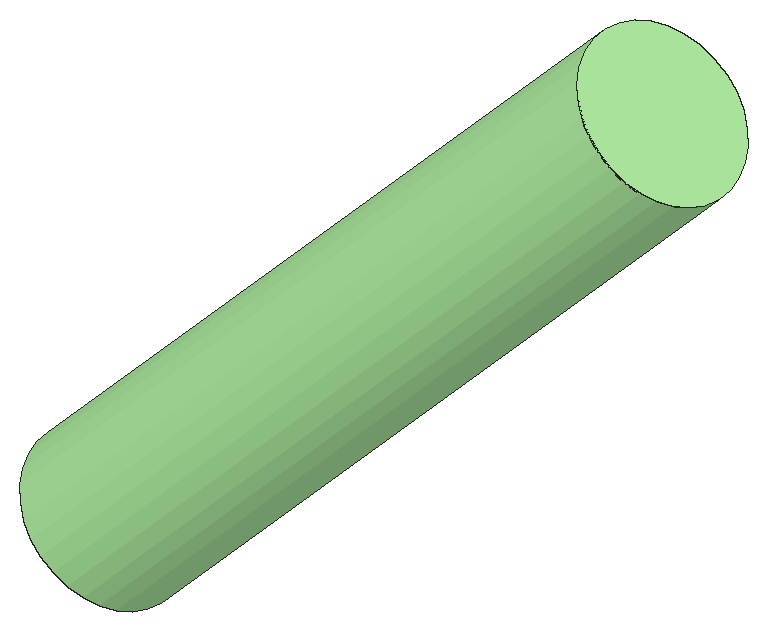
Revit family "ダクトサポート_鋼管（STK）", category Generic Models, Revit 2023
Family settings
  Can host rebar = No
  Round Connector Dimension = Use Diameter
  Part Type = Normal
  Work Plane-Based = Yes
  Always vertical = No
  Cut with Voids When Loaded = No
  Maintain Annotation Orientation = No
  Shared = No
  Room Calculation Point = No
Parameters (values of type "STK 101.6mm")
  長辺 [instance] = 長さ  # 500 mm
  長さ [instance] = 500 mm
  部屋名 = ""
  角度 [instance] = 45.00°
  直径 = 101.6 mm
  Default Elevation = 1219.2 mm
  構造マテリアル = E202_ダクトサポート
  半径 = 直径 / 2  # 50.8 mm
Types (29, lengths in mm): name | 直径 | 半径
  STK 101.6mm | 101.6 | 50.8
  STK 1016.0mm | 1016 | 508
  STK 114.3mm | 114.3 | 57.15
  STK 139.8mm | 139.8 | 69.9
  STK 165.2mm | 165.2 | 82.6
  STK 190.7mm | 190.7 | 95.35
  STK 21.7mm | 21.7 | 10.85
  STK 216.3mm | 216.3 | 108.15
  STK 267.4mm | 267.4 | 133.7
  STK 27.2mm | 27.2 | 13.6
  STK 318.5mm | 318.5 | 159.25
  STK 34.0mm | 34 | 17
  STK 355.6mm | 355.6 | 177.8
  STK 406.4mm | 406.4 | 203.2
  STK 42.7mm | 42.7 | 21.35
  STK 457.2mm | 457.2 | 228.6
  STK 48.6mm | 48.6 | 24.3
  STK 500.0mm | 500 | 250
  STK 508.0mm | 508 | 254
  STK 558.8mm | 558.8 | 279.4
  STK 60.5mm | 60.5 | 30.25
  STK 600.0mm | 600 | 300
  STK 609.6mm | 609.6 | 304.8
  STK 700.0mm | 700 | 350
  STK 711.2mm | 711.2 | 355.6
  STK 76.3mm | 76.3 | 38.15
  STK 812.8mm | 812.8 | 406.4
  STK 89.1mm | 89.1 | 44.55
  STK 914.4mm | 914.4 | 457.2
Reference planes
  plane 1 "中心(正面/背面)": y = 0
  plane 2: z = 0
  plane 3 "中心(左/右)": x = 0
Lines and regions (mm)
  reference lines
    curve 1: line (0, 0, 0) -> (848.528, 0, 848.528)
    curve 2: line (35.921, 0, -35.921) -> (-35.921, 0, 35.921)
    curve 3: line (389.474, 0, 317.632) -> (317.632, 0, 389.474)
Dimensions and locks
  equal spacing: curve 2, curve 1, curve 2
  "直径": curve 2 to curve 2
  equal spacing: curve 3, curve 1, curve 3
  "直径": curve 3 to curve 3
  "長さ": curve 3 to curve 2
  "角度": angle level to curve 1
  angle curve 2 to curve 1 = 90.00°
  angle curve 3 to curve 1 = 90.00°
  aligned and locked: level to plane 2
  aligned and locked: level to curve 1
  aligned and locked: plane 3 "中心(左/右)" to curve 1
  aligned and locked: nested 1 to curve 1
Nested families
  nested 1: "グレーチング_鋼管（STK）" at (0, 0, 0) x (0.7071, 0, -0.7071) z (0, -1, 0), 長さ <- "長さ", type "STK 21.7mm"
    with 長辺 500 mm, 長さ 500 mm, 直径 101.6 mm, 半径 50.8 mm
Definition of nested family "グレーチング_鋼管（STK）"
  Parameters (values of type "STK 165.2mm")
    長辺 [instance] = 長さ  # 1000 mm
    長さ [instance] = 1000 mm
    直径 = 165.2 mm
    Default Elevation = 1219.2 mm
    構造マテリアル = none
    半径 = 直径 / 2  # 82.6 mm
  Types (29, lengths in mm): name | 直径 | 半径
    STK 21.7mm | 21.7 | 10.85
    STK 27.2mm | 27.2 | 13.6
    STK 34.0mm | 34 | 17
    STK 42.7mm | 42.7 | 21.35
    STK 48.6mm | 48.6 | 24.3
    STK 60.5mm | 60.5 | 30.25
    STK 76.3mm | 76.3 | 38.15
    STK 89.1mm | 89.1 | 44.55
    STK 101.6mm | 101.6 | 50.8
    STK 114.3mm | 114.3 | 57.15
    STK 139.8mm | 139.8 | 69.9
    STK 165.2mm | 165.2 | 82.6
    STK 190.7mm | 190.7 | 95.35
    STK 216.3mm | 216.3 | 108.15
    STK 267.4mm | 267.4 | 133.7
    STK 318.5mm | 318.5 | 159.25
    STK 355.6mm | 355.6 | 177.8
    STK 406.4mm | 406.4 | 203.2
    STK 457.2mm | 457.2 | 228.6
    STK 500.0mm | 500 | 250
    STK 508.0mm | 508 | 254
    STK 558.8mm | 508 | 254
    STK 600.0mm | 600 | 300
    STK 609.6mm | 609.6 | 304.8
    STK 700.0mm | 700 | 350
    STK 711.2mm | 711.2 | 355.6
    STK 812.8mm | 812.8 | 406.4
    STK 914.4mm | 914.4 | 457.2
    STK 1016.0mm | 1016 | 508
  Reference planes
    plane 1 "中心(正面/背面)": y = 0
    plane 2: z = 0
    plane 3 "中心(左/右)": x = 0
  Forms (mm)
    Extrusion 1, solid, material <- "構造マテリアル"
      sketch origin (0, 0, 0) x (1, 0, 0) y (0, 0, 1)
        loop
          circle (0, 0) r 82.6
      from -1000 to 0
  Lines and regions (mm)
    reference lines
      curve 1: line (82.6, 1000, 0) -> (-82.6, 1000, 0)
      curve 2: line (82.6, 0, 0) -> (-82.6, 0, 0)
  Dimensions and locks
    "長さ": curve 1 to curve 2
    "直径": curve 1 to curve 1
    equal spacing: curve 1, plane 3 "中心(左/右)", curve 1
    "直径": curve 2 to curve 2
    equal spacing: curve 2, plane 3 "中心(左/右)", curve 2
    "半径": radius of Extrusion 1 sketch curve
    aligned and locked: level to plane 2
    aligned and locked: Extrusion 1 to curve 1
    aligned and locked: Extrusion 1 to curve 2
  Automatic sketch dimensions
    Extrusion 1 sketch curve to level = 0 mm
    Extrusion 1 sketch curve to plane 3 "中心(左/右)" = 0 mm
    plane 1 "中心(正面/背面)" to curve 2 = 0 mm
